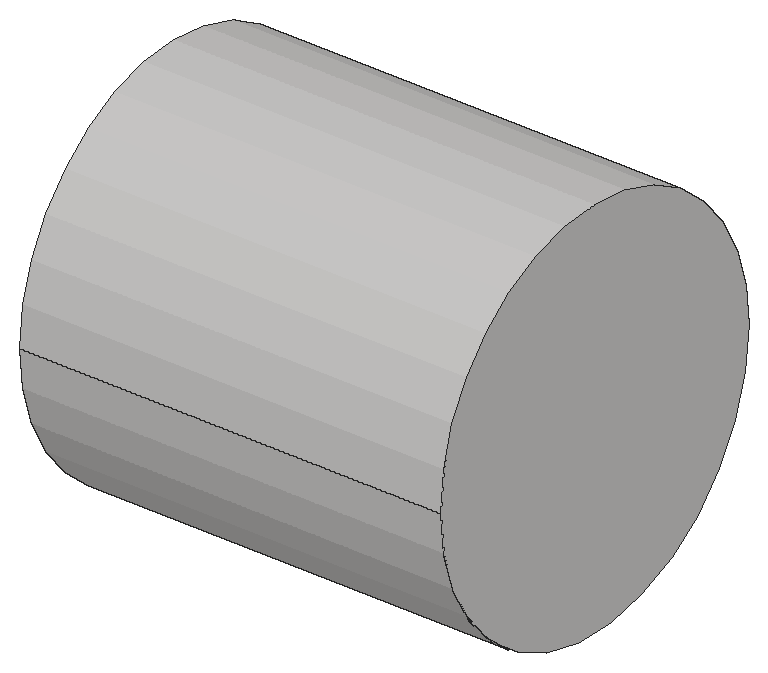
Revit family "Couplings-Shielded-Champion_Couplings-Transition-MI-HUB-TRC_Series", category Pipe Fittings, Revit 2014
Parameters (values of type "MI-HUB-TRC-1125 (1.5" X 1.25")")
  Width B = 1.640"
  Width A = 1.950"
  Waste Connection = no
  Warranty Information = "1 Year Warranty"  # constant formula
  Vent Connection = no
  URL = "http://www.mifab.com"
  Tick Size = Width A * 0.4  # 0.780"
  Standard Listings & Approval = "CSA Approved, U.P.C. Approved"  # constant formula
  Product Page URL = "http://www.mifab.com/Catalog/No_Hub_Couplings/MIHUBTRC_SHIELDED_NO_HUB_TRANSITION_COUPLINGS__CI_PL_OR_ST_TO_COPPER_OR_PL.html"
  Product Documentation Link = "http://www.mifab.com/Catalog/Library/MI-HUB-TRC-spec_sheet.pdf"
  Price = "Prices may vary. Please consult Manufacturer Representative for most up-to-date price list."  # constant formula
  Pipe Size Description = "1 1/2” CI / PL / ST x  1 1/4” PL - Shielded Transition coupling"
  Pipe Outlet Connection Diameter = 1.250"
  Pipe Inlet Connection Diameter = 1.500"
  Pallet Quantity = "7200"
  Nominal Diameter = 1.640"
  Model = "MI-HUB-TR"
  Material = "Metal-Champion Couplings-Stainless Steel"  # constant formula
  Masking Reg 2 = no
  Masking Reg 1 = yes
  Manufacturer = "Champion Couplings"  # constant formula
  List Price (Each Piece) = 10.75
  Nominal Height = Height  # 2.130"
  Height = 2.130"
  HW Connection = no
  Description = " MIFAB® Series MI-HUB-TRC (specify size) shielded transition couplings are manufactured with gaskets made\r\nfrom an elastomeric compound that meets the requirements of ASTM C-564 housed inside a Type 300 stainless steel shield. Two\r\nType 300 stainless steel clamps tightened with 5/16” Type 300 stainless steel hex head screws surround the shield to provide\r\nthe sealing force. The MI-HUB-TRC Series of shielded transition couplings are tested and certified to ASTM Standard 1460-2012\r\nand CSA Standard B602-2010 and listed with I.A.P.M.O. All models are listed to the National Plumbing Code of Canada and\r\nrelevant Canadian Standard(s) and bear the cUPC mark of conformity. Non constant temperature rating is 140 F."  # constant formula
  Creation Date = "\"2/25/2016\""
  Carton Quantity = "100"
  CW Connection = yes
  Assembly Code = "D2090800"
Types (14): name | Width B | Width A | Tick Size | Pipe Size Description | Pipe Outlet Connection Diameter | Pipe Inlet Connection Diameter | Pallet Quantity | Nominal Diameter | List Price (Each Piece)
  (no name) | 1.640" | 1.950" | 0.780" | "1 1/2” CI / PL / ST x  1 1/4” PL - Shielded Transition coupling" | 1.250" | 1.500" | "7200" | 1.640" | 10.75
  MI-HUB-TRC-1125 (1.5" X 1.5") | 1.350" | 1.910" | 0.764" | "1 1/2” CI / PL / ST x 1 1/2” Copper" | 1.500" | 1.500" | "7200" | 1.350" | 10.75
  MI-HUB-TRC-1125 (1.5" X 1.25") | 1.640" | 1.950" | 0.780" | "1 1/2” CI / PL / ST x  1 1/4” PL - Shielded Transition coupling" | 1.250" | 1.500" | "7200" | 1.640" | 10.75
  MI-HUB-TRC-150 (1.5" X 1") | 1.640" | 1.950" | 0.780" | "1 1/2\" CI / PL / ST x 1\" Copper" | 1.000" | 1.500" | "7200" | 1.125" | 9.5
  MI-HUB-TRC-150 (1.5" X 0.75") | 1.640" | 1.950" | 0.780" | "1 1/2\" CI / PL / ST x 3/4\" PL - Shielded Transition coupling" | 0.750" | 1.500" | "7200" | 1.125" | 9.5
  MI-HUB-TRC-2125 (2" X 1.25") | 1.290" | 2.360" | 0.944" | "2\" CI / PL / ST x 1 1/4\" Copper" | 1.250" | 2.000" | "4800" | 1.125" | 16
  MI-HUB-TRC-2125 (2" X 1") | 1.290" | 2.360" | 0.944" | "2\" CI / PL / ST x 1\" PL - Shielded Transition coupling" | 1.000" | 2.000" | "4800" | 1.125" | 16
  MI-HUB-TRC-215 (2" x 1.5") | 1.930" | 2.400" | 0.960" | "2\" CI / PL / ST x 1 1/2\" Copper" | 1.500" | 2.000" | "4800" | 1.875" | 9.5
  MI-HUB-TRC-215 (2" x 1.25") | 1.930" | 2.400" | 0.960" | "2\" CI / PL / ST x  1 1/4\" PL- Shielded Transition coupling" | 1.250" | 2.000" | "4800" | 1.875" | 9.5
  MI-HUB-TRC-220 | 2.340" | 2.280" | 0.912" | "2\" CI / PL / ST x 2\" Copper - Shielded Transition coupling" | 2.000" | 2.000" | "4800" | 2.000" | 12.5
  MI-HUB-TRC-320 | 2.340" | 3.380" | 1.352" | "3\" CI x 2\" Copper - Shielded Transition coupling" | 2.000" | 3.000" | "2400" | 2.125" | 14
  MI-HUB-TRC-330 | 3.520" | 3.370" | 1.348" | "3\" CI x 3\" Copper - Shielded Transition coupling" | 3.000" | 3.000" | "2400" | 3.250" | 13.5
  MI-HUB-TRC-430 | 3.460" | 4.460" | 1.784" | "4\" CI x 3\" Copper - Shielded Transition coupling" | 3.000" | 4.000" | "2400" | 3.250" | 14.5
  MI-HUB-TRC-440 | 4.440" | 4.360" | 1.744" | "4\" CI x 4\" Copper - Shielded Transition coupling 4" | 4.000" | 4.000" | "2400" | 4.250" | 14.25
Reference planes (in)
  plane 1 "Center (Front/Back)": y = 0
  plane 2: z = 0
  plane 3 "Center (Left/Right)": x = 0
  plane 4: x = -1.065
  plane 5: x = 1.065
  plane 6: x = 1.065
  plane 7: y = 0.975
  plane 8: y = -0.975
  plane 9: y = 0.82
  plane 10: y = -0.82
  plane 11: y = 0.975
  plane 12: y = -0.975
  plane 13: y = -0.82
  plane 14: y = 0.82
Forms (in)
  Extrusion 1, solid, material "Metal-Champion Couplings-Stainless Steel"
    sketch origin (0, 0, 0) x (0, 1, 0) y (0, 0, 1)
      loop
        circle (0, 0) r 0.975
    from -1.065 to 1.065
  Revolve 2, solid, material "Metal-Champion Couplings-Stainless Steel"
    sketch origin (0, 0, 0) x (1, 0, 0) y (0, 1, 0)
      loop
        line (0, 0.975) -> (0, 0) -> (1.065, 0) -> (1.065, 0.82) -> (0.155, 0.82) -> (0, 0.975)
      axis (0, 0) -> (1.065, 0)
    angle from 0 to 360
Cuts and joins
  joined: Extrusion 1, Revolve 2
Lines and regions (in)
  Masking region 1, visible <- "Masking Reg 2", detail levels fine
    outline origin (0, 0, 0) x (1, 0, 0) y (0, 1, 0)
      loop
        line (-1.065, 0.975) -> (-1.065, -0.975) -> (0, -0.975) -> (0.155, -0.82) -> (1.065, -0.82) -> (1.065, 0.82) -> (0.155, 0.82) -> (0, 0.975) -> (-1.065, 0.975)
  Masking region 2, visible <- "Masking Reg 1", detail levels fine
    outline origin (0, 0, 0) x (1, 0, 0) y (0, 1, 0)
      loop
        line (-1.065, 0.975) -> (-1.065, -0.975) -> (1.065, -0.975) -> (1.065, 0.975) -> (-1.065, 0.975)
  model lines, detail levels coarse+medium
    curve 1: line (-1.065, 0.78, 0) -> (-1.065, -0.78, 0)
    curve 2: line (1.065, 0.78, 0) -> (1.065, -0.78, 0)
    curve 3: line (1.065, 0, 0) -> (-1.065, 0, 0)
Dimensions and locks (in)
  "Height": plane 4 to plane 5
  equal spacing: plane 4, plane 3 "Center (Left/Right)", plane 5
  "Tick Size": plane 1 "Center (Front/Back)" to curve 1
  "Tick Size": curve 1 to plane 1 "Center (Front/Back)"
  "Tick Size": plane 1 "Center (Front/Back)" to curve 2
  "Tick Size": curve 2 to plane 1 "Center (Front/Back)"
  "Nominal Height": plane 4 to plane 6
  "Width A": plane 8 to plane 7
  equal spacing: plane 8, plane 1 "Center (Front/Back)", plane 7
  "Nominal Diameter": plane 9 to plane 10
  equal spacing: plane 9, plane 1 "Center (Front/Back)", plane 10
  "Width A": plane 11 to plane 12
  "Nominal Diameter": plane 13 to plane 14
  equal spacing: plane 11, plane 1 "Center (Front/Back)", plane 12
  equal spacing: plane 13, plane 1 "Center (Front/Back)", plane 14
  "Width A": Masking region 2 sketch curve to Masking region 2 sketch curve
  equal spacing: Masking region 2 sketch curve, plane 1 "Center (Front/Back)", Masking region 2 sketch curve
  "Width A": diameter of Extrusion 1 sketch curve
  locked: plane 6 to Revolve 2 sketch curve (angle 45.00°)
  locked: plane 3 "Center (Left/Right)" to Masking region 1 sketch curve (angle 45.00°)
  locked: Masking region 1 sketch curve to plane 3 "Center (Left/Right)" (angle 45.00°)
  aligned and locked: Extrusion 1 to plane 4
  aligned and locked: curve 3 to plane 1 "Center (Front/Back)"
  aligned and locked: curve 1 to plane 4
  aligned and locked: plane 5 to curve 2
  aligned and locked: plane 6 to Extrusion 1
  aligned and locked: plane 3 "Center (Left/Right)" to Revolve 2 sketch curve
  aligned and locked: plane 7 to Revolve 2 sketch curve
  aligned and locked: plane 5 to Revolve 2 sketch curve
  aligned and locked: Revolve 2 sketch curve to plane 1 "Center (Front/Back)"
  aligned and locked: Revolve 2 sketch curve to plane 9
  aligned and locked: Masking region 1 sketch curve to plane 11
  aligned and locked: Masking region 1 sketch curve to plane 12
  aligned and locked: plane 4 to Masking region 1 sketch curve
  aligned and locked: plane 14 to Masking region 1 sketch curve
  aligned and locked: Masking region 1 sketch curve to plane 13
  aligned and locked: plane 5 to Masking region 1 sketch curve
  aligned and locked: plane 4 to Masking region 2 sketch curve
  aligned and locked: plane 5 to Masking region 2 sketch curve
Automatic sketch dimensions
  Extrusion 1 sketch curve to level = 0.000"
  Extrusion 1 sketch curve to plane 1 "Center (Front/Back)" = 0.000"
  plane 1 "Center (Front/Back)" to Revolve 2 sketch curve = 0.000"
  Revolve 2 sketch curve to plane 4 = 0.250"
  Revolve 2 sketch curve to Revolve 2 sketch curve = 0.750"
  Masking region 1 sketch curve to plane 3 "Center (Left/Right)" = 0.000"  (x2)
Connectors (in)
  piping at (-1.065, 0, 0), diameter 1.5, driven by "Pipe Inlet Connection Diameter"
    settings: on Extrusion 1, index 1, connector inside diameter 24", connector length 0.000", flow factor 0, pipe flow 0 GPM, pressure drop 0.00 psi, fitting loss kfactor 0, connector angle 0.00°, fixture units 0, engagement length 0.000", angle of deflection 0.00°, flow configuration 0, flow direction 0, fitting loss method 0, system type 28, joint type 0, gender type 0, connector reference index -1, connector utility 0, adjustable connector no, is connector primary yes, connector description ""
  piping at (1.065, 0, 0), diameter 1.25, driven by "Pipe Outlet Connection Diameter"
    settings: on Revolve 2, index 2, connector inside diameter 24", connector length 0.000", flow factor 0, pipe flow 0 GPM, pressure drop 0.00 psi, fitting loss kfactor 0, connector angle 0.00°, fixture units 0, engagement length 0.000", angle of deflection 0.00°, flow configuration 0, flow direction 0, fitting loss method 0, system type 28, joint type 0, gender type 0, connector reference index -1, connector utility 0, adjustable connector no, is connector primary no, connector description ""
